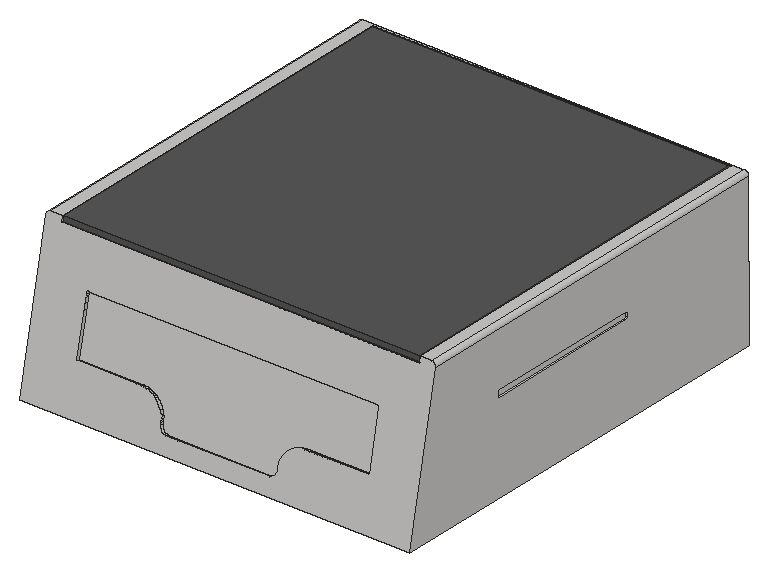
Revit family "PRD_FrankeWS_PprTwlDpnsrs_EXOSPaperTowelDispenser_EXOS600X,600B,600W", category Furniture, host Face, Revit 2018
Family settings
  Host = Face
  OmniClass Number = 23.40.20.21
  OmniClass Title = Toilet and Bath Specialties
  Cut with Voids When Loaded = No
  Shared = No
  Room Calculation Point = No
Parameters (values of type "EXOS600B")
  WarrantyStartDate [instance] = "1900-12-31T23:59:59"
  WarrantyGuarantorParts = "n/a"
  WarrantyGuarantorLabor = "n/a"
  WarrantyDurationUnit = "year"
  WarrantyDurationParts = "n/a"
  WarrantyDurationLabor = "n/a"
  WarrantyDescription = "n/a"
  Version = "1"
  Uniclass2015Version = "Products v1.10"
  Uniclass2015Title = "Paper towel dispensers"
  Uniclass2015Code = "Pr_40_70_22_62"
  URL = "www.kwc.com"
  TypeOfOperation = "Manual operation"
  TypeOfMounting = "Wall mounting"
  TypeOfFixing = "Screw"
  TypeOfConsumable = "Paper towel"
  TagNumber [instance] = "n/a"
  SustainabilityPerformance = "n/a"
  SurfaceTreatment = "InoxPlus"
  Style = "Paper towel dispenser"
  Size = "300 x 325 x 120 mm"
  Shape = "n/a"
  SerialNumber [instance] = "n/a"
  Revision = "n/a"
  ReplacementCost = "n/a"
  ProductInformation = "https://pim.kwc.com/product/2030022934/attachment/datasheet?locale=en"
  PanelMaterial = PRD_AR_Glass_Black
  Operation = "Manual"
  NominalWidth = 300.00 mm
  NominalHeight = 326.00 mm
  NominalDepth = 120.00 mm
  NetWeight = 4.67 kg
  Name = "EXOS paper towel dispenser EXOS600B"
  NBSTypeID = "n/a"
  NBSReference = "45-35-72/344"
  NBSOfficeMasterTag = "n/a"
  NBSNote = "n/a"
  NBSDescription = "Paper towel dispensers"
  NBSCertification = "n/a"
  ModelReference = "EXOS600B"
  ModelNumber = "2030022934"
  Model = ModelReference  # "EXOS600B"
  MaterialThickness = "1.20 mm"
  MaterialCode = "Stainless steel 1.4301"
  Material = "Stainless steel"
  ManufacturerURL = "www.kwc.com"
  ManufacturerName = "KWC Group AG"  # constant formula
  Manufacturer = ManufacturerName  # "KWC Group AG"
  MainColor = "Stainless steel"
  Lock = "key-lock"
  IntegralAccessories = "includes mounting materials"
  InstallationDate [instance] = "1900-12-31T23:59:59"
  IfcExportType = "NOTDEFINED"
  IfcExportAs = "IfcFurnitureType"
  GrossWeight = 5.10 kg
  Grade = "n/a"
  Form = "Wall mounted"
  Finish = "Satin finished"
  FillingQuantity = "400 towels"
  Features = "for wall mounting. Dimensions: 300 x 325 x 120 mm (W x H x D)"
  ExpectedLife = "n/a"
  DurationUnit = "year"
  DispenserMaterial = PRD_AR_StainlessSteel_SatinFinished
  Description = "Paper towel dispenser for wall mounting, stainless steel with satin finish, black safety glass front panel, casing with InoxPlus surface refinement for the reduction of finger marks and better cleaning characteristics (easy to clean), material thickness 1.2 mm, inspection window on side, capacity 300 - 400 pieces of Z-folded paper, includes mounting materials.Dimensions: 300 x 326 x 120 mm (W x H x D)"
  Default Elevation = 1200.00 mm
  CreatedOn = "12/2018"  # constant formula
  Constituents = "n/a"
  Color = "Stainless steel"
  CodePerformance = "n/a"
  Category = "Pr_40_70_22_62, Paper towel dispensers"
  BarCode [instance] = "n/a"
  BIMObjectName = "PRD_AR_PaperTowelDispensers_EXOSPaperTowelDispenser_EXOS600B"
  Author = "Archispace"  # constant formula
  AssetType = "Fixed"
  AssetIdentifier [instance] = "n/a"
  AccessibilityPerformance = "n/a"
Types (3, lengths in mm): name | ProductInformation | PanelMaterial | NominalHeight | NetWeight | Name | ModelReference | ModelNumber | Model | GrossWeight | Features | Description | BIMObjectName
  EXOS600B | "https://pim.kwc.com/product/2030022934/attachment/datasheet?locale=en" | PRD_AR_Glass_Black | 326.00 | 4.67 kg | "EXOS paper towel dispenser EXOS600B" | "EXOS600B" | "2030022934" | "EXOS600B" | 5.10 kg | "for wall mounting. Dimensions: 300 x 325 x 120 mm (W x H x D)" | "Paper towel dispenser for wall mounting, stainless steel with satin finish, black safety glass front panel, casing with InoxPlus surface refinement for the reduction of finger marks and better cleaning characteristics (easy to clean), material thickness 1.2 mm, inspection window on side, capacity 300 - 400 pieces of Z-folded paper, includes mounting materials.Dimensions: 300 x 326 x 120 mm (W x H x D)" | "PRD_AR_PaperTowelDispensers_EXOSPaperTowelDispenser_EXOS600B"
  EXOS600W | "https://pim.kwc.com/product/2030025229/attachment/datasheet?locale=en" | PRD_AR_Glass_White | 325.00 | 4.64 kg | "EXOS Paper towel dispenser EXOS600W" | "EXOS600W" | "2030025229" | "EXOS600W" | 5.06 kg | "For wall mounting. Dimensions: 300 x 325 x 120 mm (W x H x D)" | "Paper towel dispenser for wall mounting, stainless steel with satin finish, white safety glass front panel, casing with InoxPlus surface refinement for the reduction of finger marks and better cleaning characteristics (easy to clean), material thickness 1.2 mm, inspection window on side, capacity 300 - 400 pieces of Z-folded paper, includes mounting materials." | "PRD_AR_PaperTowelDispensers_EXOSPaperTowelDispenser_EXOS600W"
  EXOS600X | "https://pim.kwc.com/product/2030022933/attachment/datasheet?locale=en" | PRD_AR_StainlessSteel_SatinFinished | 325.00 | 3.98 kg | "EXOS Paper towel dispenser EXOS600X" | "EXOS600X" | "2030022933" | "EXOS600X" | 4.36 kg | "For wall mounting. Dimensions: 300 x 325 x 120 mm (W x H x D)" | "Paper towel dispenser for wall mounting, stainless steel with satin finish, front and casing with InoxPlus surface refinement for the reduction of finger marks and better cleaning characteristics (easy to clean), material thickness 1.2 mm, inspection window on side, capacity 300 - 400 pieces of Z-folded paper, includes mounting materials." | "PRD_AR_PaperTowelDispensers_EXOSPaperTowelDispenser_EXOS600X"
Reference planes
  plane 1 "Center (Front/Back)": y = 0
  plane 2: z = 0
  plane 3 "Center (Left/Right)": x = 0
Forms (mm)
  Extrusion 1, solid, material "PRD_AR_Glass_Black" <- "PanelMaterial", detail levels fine
    sketch origin (0, 0, 0) x (0, 1, 0) y (0, 0, 1)
      loop
        line (323.052, 120) -> (25.507, 120) -> (25.507, 116) -> (323.052, 116) -> (323.052, 120)
    from -137 to 137
  Extrusion 2, void
    sketch origin (0, 0, 0) x (0, 1, 0) y (0, 0, 1)
      loop
        arc (84.252, 70.5) -> (84.691, 69.439) -> (85.752, 69) r 1.5
        line (85.752, 69) -> (207.752, 69)
        arc (207.752, 69) -> (208.812, 69.439) -> (209.252, 70.5) r 1.5
        line (209.252, 70.5) -> (209.252, 73.5)
        arc (209.252, 73.5) -> (208.812, 74.561) -> (207.752, 75) r 1.5
        line (207.752, 75) -> (85.752, 75)
        arc (85.752, 75) -> (84.691, 74.561) -> (84.252, 73.5) r 1.5
        line (84.252, 73.5) -> (84.252, 70.5)
    from -148 to -150
  Extrusion 3, void
    sketch origin (0, 0, 0) x (0, 1, 0) y (0, 0, 1)
      loop
        arc (85.752, 75) -> (84.691, 74.561) -> (84.252, 73.5) r 1.5
        line (84.252, 73.5) -> (84.252, 70.5)
        arc (84.252, 70.5) -> (84.691, 69.439) -> (85.752, 69) r 1.5
        line (85.752, 69) -> (207.752, 69)
        arc (207.752, 69) -> (208.812, 69.439) -> (209.252, 70.5) r 1.5
        line (209.252, 70.5) -> (209.252, 73.5)
        arc (209.252, 73.5) -> (208.812, 74.561) -> (207.752, 75) r 1.5
        line (207.752, 75) -> (85.752, 75)
    from 148 to 150
  Revolve 4, solid, material "PRD_AR_StainlessSteel_SatinFinished" <- "DispenserMaterial", detail levels fine
    sketch origin (0, 0, 0) x (0, 1, 0) y (0, 0, 1)
      loop
        arc (329.902, 87.692) -> (329.316, 89.107) -> (327.902, 89.692) r 2
        line (327.902, 89.692) -> (325.252, 89.692) -> (325.252, 79.717) -> (329.902, 79.717) -> (329.902, 87.692)
      axis (325.252, 79.717) -> (329.902, 79.717)
    angle from 0 to 360
  Extrusion 5, solid, material "PRD_AR_StainlessSteel_SatinFinished" <- "DispenserMaterial", detail levels fine
    sketch origin (0, -0.003, 20.596) x (0, 0, -1) y (-1, 0, 0)
      loop
        line (-99.404, 146.6) -> (-99.404, -146.6)
        arc (-99.404, -146.6) -> (-98.408, -149.004) -> (-96.004, -150) r 3.4
        line (-96.004, -150) -> (20.596, -150) -> (20.596, 150) -> (-96.004, 150)
        arc (-96.004, 150) -> (-98.408, 149.004) -> (-99.404, 146.6) r 3.4
    from 0 to 325.255
  Extrusion 6, void
    sketch origin (0, -0.003, 20.596) x (0, 0, -1) y (-1, 0, 0)
      loop
        line (-99.404, -138) -> (-95.404, -138) -> (-95.404, 138) -> (-99.404, 138) -> (-99.404, -138)
    from 0 to 324.055
  Extrusion 7, void
    sketch origin (0, 0, 0) x (0, 1, 0) y (0, 0, 1)
      loop
        line (0, 0) -> (25.507, 120) -> (0, 120) -> (0, 0)
    from -150 to 150
  Extrusion 8, void
    sketch origin (0, -0.003, 0) x (0, -0.208248, -0.978076) y (-1, 0, 0)
      loop
        line (-80.861, -112.5) -> (-37.861, -112.5) -> (-37.861, -63)
        arc (-37.861, -63) -> (-32.589, -50.272) -> (-19.861, -45) r 18
        line (-19.861, -45) -> (-18.861, -45)
        arc (-18.861, -45) -> (-14.618, -43.243) -> (-12.861, -39) r 6
        line (-12.861, -39) -> (-12.861, 39)
        arc (-12.861, 39) -> (-14.618, 43.243) -> (-18.861, 45) r 6
        line (-18.861, 45) -> (-19.861, 45)
        arc (-19.861, 45) -> (-32.589, 50.272) -> (-37.861, 63) r 18
        line (-37.861, 63) -> (-37.861, 112.5) -> (-80.861, 112.5)
        arc (-80.861, 112.5) -> (-82.275, 111.914) -> (-82.861, 110.5) r 2
        line (-82.861, 110.5) -> (-82.861, -110.5)
        arc (-82.861, -110.5) -> (-82.275, -111.914) -> (-80.861, -112.5) r 2
    from 0 to 2
  Extrusion 9, solid, material "PRD_AR_StainlessSteel_SatinFinished" <- "DispenserMaterial", detail levels medium
    sketch origin (0, 0, 0) x (1, 0, 0) y (0, 0, 1)
      loop
        line (150, 120) -> (-150, 120) -> (-150, 0) -> (150, 0) -> (150, 120)
    from 0 to -325.252
  Extrusion 10, solid, material "PRD_AR_StainlessSteel_SatinFinished" <- "DispenserMaterial", detail levels coarse
    sketch origin (0, 0, 0) x (0, 1, 0) y (0, 0, 1)
      loop
        line (325.252, 0) -> (325.252, 120) -> (0, 120) -> (0, 0) -> (325.252, 0)
    from -150 to 150
Cuts and joins
  Extrusion 2, Extrusion 3, Extrusion 6, Extrusion 7, Extrusion 8 cuts Extrusion 5
  Extrusion 7 cuts Extrusion 9
Lines and regions (mm)
  Split face 1
    outline origin (150, 0, 120) x (0, 1, 0) y (-1, 0, 0)
      loop
        line (323.052, 287) -> (25.507, 287) -> (25.507, 13) -> (323.052, 13) -> (323.052, 287)
Dimensions and locks
  aligned and locked: plane 2 to host face
  aligned and locked: level to host face
